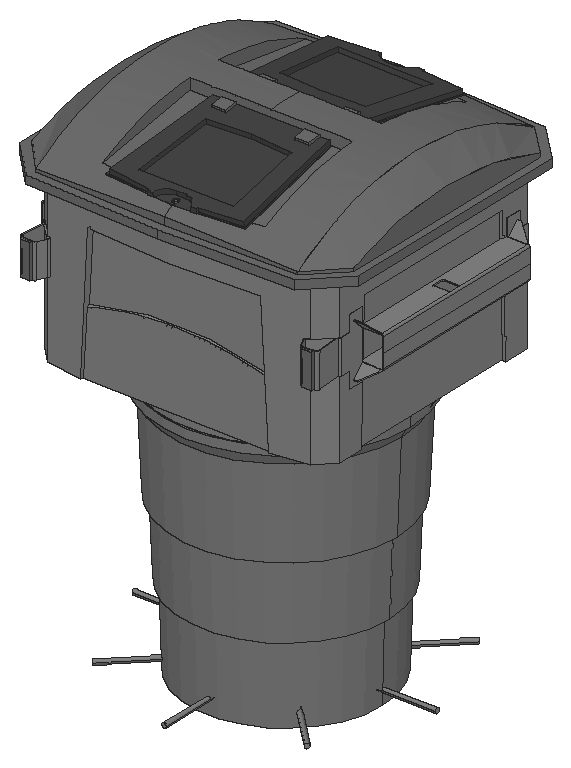
Revit family "Site-Waste_Management-EarthBin-EB505-bk7", category Site, Revit 2021
Family settings
  Round Connector Dimension = Use Diameter
  Part Type = Normal
  OmniClass Number = 23.70.30.21.14
  OmniClass Title = Solid Waste Bins
  Work Plane-Based = No
  Always vertical = Yes
  Cut with Voids When Loaded = No
  Shared = No
Parameters (values of type "Grey")
  URL = "https://www.earthbin.com/"
  Type Comments = "6.5 cu. yd. (5000 litres)"  # constant formula
  Model = "EB505"  # constant formula
  Manufacturer = "EarthBin"  # constant formula
  Description = "Rectangular waste & recycling"  # constant formula
  Default Elevation = 0' - 0"
  CD_Width = 6' - 8"  # constant formula
  CD_Specification = "https://static1.squarespace.com/static/5818b2cc03596e3016bd3fee/t/650c69fb3b03872bf3e15cf4/1695314375663/Cutsheet_EB500%2B500_EN.pdf"
  CD_Product Page URL = "https://www.earthbin.com/front-load-semi-in-ground"
  CD_Product Name = "Front Load Semi In-Ground EB500"  # constant formula
  CD_Product Documentation Link = "https://static1.squarespace.com/static/5818b2cc03596e3016bd3fee/t/6509f455b6659b7f399c748e/1695314541799/ProductGuide_EarthBin_EN.pdf"
  CD_Microsite = "https://www.caddetails.com/5581"
  CD_Height = 4' - 3 1/4"  # constant formula
  CD_Finish Lid = Plastic-Polyethylene-EarthBin-Lid-Grey
  CD_Finish Frame = Metal-Steel-EarthBin
  CD_Finish Feed Door = Plastic-Polyethylene-EarthBin-Feed_Door-Black
  CD_Finish Bin = Plastic-Polyethylene-EarthBin-Bin-Grey
  CD_Feed Height = 3' - 9 1/4"  # constant formula
  CD_Depth In Ground = 5' - 2"  # constant formula
  CD_Depth = 5' - 10"  # constant formula
  CD_Created By = "CADdetails Ltd. 2023"  # constant formula
  Assembly Code = "E1090200"
Reference planes (in)
  plane 1 "Center (Front/Back)": y = 0
  plane 2 "Grade": z = 4
  plane 3 "Center (Left/Right)": x = 0
  plane 4 "Right": x = 40
  plane 5 "Left": x = -40
  plane 6 "Front": y = 35
  plane 7 "Back": y = -35
  plane 8 "Top": z = 55.25
  plane 9 "Feed Height": z = 49.25
  plane 10 "Sleeve": z = 0
  plane 11 "Steel Framing Back": y = -21.01953
  plane 12 "Steel Framing Front": y = 21.01953
  plane 13 "Lid": z = 42.75
  plane 14 "Metal": z = 26.03791
  plane 15 "Back Rail": y = -34.10156
  plane 16 "Front Rail": y = 34.10156
  plane 17 "Rebar": through (0, 0, 144) normal (-0.7071, 0.7071, 0)
  plane 18 "Bottom": z = -62
Forms (in)
  Revolve 1, solid, material "Plastic-Polyethylene-EarthBin-Sleeve-Grey"
    sketch origin (0, 0, -65.75) x (1, 0, 0) y (0, 0, 1)
      loop
        line (0, 3.75) -> (0, 69.75) -> (-27.84093, 69.75) -> (-28.37532, 65.75) -> (-28.82359, 65.75) -> (-28.82359, 63.625) -> (-28.37532, 63.625) -> (-26.83286, 60.84234) -> (-25.87562, 39.88026) -> (-24.64766, 39.88026) -> (-23.94171, 22.21575) -> (-22.95309, 22.21575) -> (-22.36704, 3.75) -> (0, 3.75)
      axis (0, 3.75) -> (0, 69.75)
    angle from 0 to 360
  Extrusion 2, solid, material "Metal-Steel-EarthBin" <- "CD_Finish Frame"
    sketch origin (0, 0, 0) x (1, 0, 0) y (0, 1, 0)
      loop
        line (-30.24539, 30.72206) -> (-34.03946, 26.92799) -> (-34.03946, -26.92799) -> (-30.24539, -30.72206)
        arc (-30.24539, -30.72206) -> (0, -33.3675) -> (30.24539, -30.72206) r 174.22124
        line (30.24539, -30.72206) -> (34.03946, -26.92799) -> (34.03946, 26.92799) -> (30.24539, 30.72206)
        arc (30.24539, 30.72206) -> (0, 33.3675) -> (-30.24539, 30.72206) r 174.22124
    from 4 to 42.75
  Blend 3, solid, material "Plastic-Polyethylene-EarthBin-Lid-Grey" <- "CD_Finish Lid"
    base sketch origin (0, 0, -61.75) x (0, 1, 0) y (0, 0, 1)
      loop
        line (26.92799, 104.5) -> (26.92799, 107.26035)
        arc (26.92799, 107.26035) -> (0, 112.26577) -> (-26.92799, 107.26035) r 74.93587
        line (-26.92799, 107.26035) -> (-26.92799, 104.5) -> (26.92799, 104.5)
    top sketch origin (0, 0, -61.75) x (0, 1, 0) y (0, 0, 1)
      loop
        line (34.1175, 104.5) -> (34.1175, 107.02798)
        arc (34.1175, 107.02798) -> (0, 117) -> (-34.1175, 107.02798) r 63.34948
        line (-34.1175, 107.02798) -> (-34.1175, 104.5) -> (34.1175, 104.5)
    from -37.1421 to -30.30484
  Blend 4, solid, material "Plastic-Polyethylene-EarthBin-Lid-Grey" <- "CD_Finish Lid"
    base sketch origin (0, 0, -61.75) x (0, 1, 0) y (0, 0, -1)
      loop
        line (26.92799, -104.5) -> (-26.92799, -104.5) -> (-26.92799, -107.26035)
        arc (-26.92799, -107.26035) -> (0, -112.26577) -> (26.92799, -107.26035) r 74.93587
        line (26.92799, -107.26035) -> (26.92799, -104.5)
    top sketch origin (0, 0, -61.75) x (0, 1, 0) y (0, 0, -1)
      loop
        line (34.1175, -104.5) -> (-34.1175, -104.5) -> (-34.1175, -107.02798)
        arc (-34.1175, -107.02798) -> (0, -117) -> (34.1175, -107.02798) r 63.34948
        line (34.1175, -107.02798) -> (34.1175, -104.5)
    from -37.1421 to -30
  Blend 5, solid, material "Plastic-Polyethylene-EarthBin-Lid-Grey" <- "CD_Finish Lid"
    base sketch origin (0, 0, -61.75) x (0, 1, 0) y (0, 0, 1)
      loop
        line (34.1175, 104.5) -> (34.1175, 107.02798)
        arc (34.1175, 107.02798) -> (0, 117) -> (-34.1175, 107.02798) r 63.34948
        line (-34.1175, 107.02798) -> (-34.1175, 104.5) -> (34.1175, 104.5)
    top sketch origin (0, 0, -61.75) x (0, 1, 0) y (0, 0, 1)
      loop
        line (-35, 104.5) -> (35, 104.5) -> (35, 108.16281)
        arc (35, 108.16281) -> (0, 117) -> (-35, 108.16281) r 73.72795
        line (-35, 108.16281) -> (-35, 104.5)
    from -30.30484 to 0
  Blend 6, solid, material "Plastic-Polyethylene-EarthBin-Lid-Grey" <- "CD_Finish Lid"
    base sketch origin (0, 0, -61.75) x (0, 1, 0) y (0, 0, -1)
      loop
        line (34.1175, -104.5) -> (-34.1175, -104.5) -> (-34.1175, -107.02798)
        arc (-34.1175, -107.02798) -> (0, -117) -> (34.1175, -107.02798) r 63.34948
        line (34.1175, -107.02798) -> (34.1175, -104.5)
    top sketch origin (0, 0, -61.75) x (0, 1, 0) y (0, 0, -1)
      loop
        line (-35, -104.5) -> (-35, -108.16281)
        arc (-35, -108.16281) -> (0, -117) -> (35, -108.16281) r 73.72795
        line (35, -108.16281) -> (35, -104.5) -> (-35, -104.5)
    from -30 to 0
  Extrusion 7, void
    sketch origin (0, 0, -61.75) x (0, 1, 0) y (0, 0, 1)
      loop
        line (-31.6432, 112.63436) -> (-31.6432, 109.86423) -> (-4.1432, 114.20005) -> (-4.1432, 119.5682)
        arc (-4.1432, 119.5682) -> (-18.23412, 117.45341) -> (-31.6432, 112.63436) r 72.79839
    from -18.82813 to 18.82813
  Extrusion 8, void
    sketch origin (0, 0, -61.75) x (0, -1, 0) y (0, 0, -1)
      loop
        arc (-31.6432, -112.63436) -> (-18.23412, -117.45341) -> (-4.1432, -119.5682) r 72.79839
        line (-4.1432, -119.5682) -> (-4.1432, -114.20005) -> (-31.6432, -109.86423) -> (-31.6432, -112.63436)
    from -18.82621 to 18.82813
  Extrusion 9, void
    sketch origin (0, 0, 0) x (0, 1, 0) y (0, 0, 1)
      loop
        line (21.01953, 0) -> (19.91147, 35.73066) -> (-19.91147, 35.73066) -> (-21.01953, 0) -> (21.01953, 0)
    from 33.1684 to 40
  Extrusion 10, void
    sketch origin (0, 0, 0) x (0, 1, 0) y (0, 0, 1)
      loop
        line (21.01953, 0) -> (19.91147, 35.73066) -> (-19.91147, 35.73066) -> (-21.01953, 0) -> (21.01953, 0)
    from -40 to -33.16797
  Extrusion 11, solid, material "Metal-Steel-EarthBin" <- "CD_Finish Frame", detail levels fine
    sketch origin (0, 35, -61.75) x (-1, 0, 0) y (0, 0, 1)
      loop
        circle (0, 3.06531) r 0.5
    from -13.98047 to 0
  Extrusion 12, solid, material "Metal-Steel-EarthBin" <- "CD_Finish Frame", detail levels fine
    sketch origin (24.74874, 24.74874, -61.75) x (-0.707107, 0.707107, 0) y (0, 0, 1)
      loop
        circle (0, 3.06531) r 0.5
    from -13.98047 to 0
  Extrusion 13, solid, material "Metal-Steel-EarthBin" <- "CD_Finish Frame", detail levels fine
    sketch origin (35, 0, -61.75) x (0, 1, 0) y (0, 0, 1)
      loop
        circle (0, 3.06531) r 0.5
    from -13.98047 to 0
  Extrusion 14, solid, material "Metal-Steel-EarthBin" <- "CD_Finish Frame", detail levels fine
    sketch origin (24.74874, -24.74874, -61.75) x (0.707107, 0.707107, 0) y (0, 0, 1)
      loop
        circle (0, 3.06531) r 0.5
    from -13.98047 to 0
  Extrusion 15, solid, material "Metal-Steel-EarthBin" <- "CD_Finish Frame", detail levels fine
    sketch origin (0, -35, -61.75) x (1, 0, 0) y (0, 0, 1)
      loop
        circle (0, 3.06531) r 0.5
    from -13.98047 to 0
  Extrusion 16, solid, material "Metal-Steel-EarthBin" <- "CD_Finish Frame", detail levels fine
    sketch origin (-24.74874, -24.74874, -61.75) x (0.707107, -0.707107, 0) y (0, 0, 1)
      loop
        circle (0, 3.06531) r 0.5
    from -13.98047 to 0
  Extrusion 17, solid, material "Metal-Steel-EarthBin" <- "CD_Finish Frame", detail levels fine
    sketch origin (-35, 0, -61.75) x (0, -1, 0) y (0, 0, 1)
      loop
        circle (0, 3.06531) r 0.5
    from -13.98047 to 0
  Extrusion 18, solid, material "Metal-Steel-EarthBin" <- "CD_Finish Frame", detail levels fine
    sketch origin (-24.74874, 24.74874, -61.75) x (-0.707107, -0.707107, 0) y (0, 0, 1)
      loop
        circle (0, 3.06531) r 0.5
    from -13.98047 to 0
  Extrusion 19, solid, material "Plastic-Polyethylene-EarthBin-Lid-Grey" <- "CD_Finish Lid", detail levels medium+fine
    sketch origin (0, 0, 0) x (1, 0, 0) y (0, 1, 0)
      loop
        line (-30.30484, 34.1175) -> (-37.1421, 26.92799) -> (-37.1421, -26.92799) -> (-30.30484, -34.1175) -> (0, -35) -> (30, -34.1175) -> (37.1421, -26.92799) -> (37.1421, 26.92799) -> (30, 34.1175) -> (0, 35) -> (-30.30484, 34.1175)
      loop
        line (-39.1421, 27.72716) -> (-39.1421, -27.72716) -> (-31.18645, -36.09268) -> (0.0003, -37.00086) -> (30.85647, -36.09317) -> (39.1421, -27.75255) -> (39.1421, 27.75255) -> (30.85647, 36.09317) -> (0.0003, 37.00086) -> (-31.18645, 36.09268) -> (-39.1421, 27.72716)
    from 42.75 to 44.75
  Blend 20, void
    base sketch origin (0, 35, 0) x (-1, 0, 0) y (0, 0, 1)
      loop
        line (20.82679, 19.28788) -> (19.95017, 36.01493) -> (-19.95017, 36.01493) -> (-20.82679, 19.28788)
        arc (-20.82679, 19.28788) -> (0, 22.10479) -> (20.82679, 19.28788) r 78.39997
    top sketch origin (0, 35, 0) x (-1, 0, 0) y (0, 0, 1)
      loop
        line (20.89221, 18.0396) -> (19.95017, 36.01493) -> (-19.95017, 36.01493) -> (-20.89221, 18.0396)
        arc (-20.89221, 18.0396) -> (0, 21.1404) -> (20.89221, 18.0396) r 71.93296
    from -65.72206 to -69.1175
  Extrusion 21, void
    sketch origin (0, 35, 0) x (-1, 0, 0) y (0, 0, 1)
      loop
        line (21.628, 4) -> (19.95017, 36.01493) -> (-19.95017, 36.01493) -> (-21.628, 4) -> (21.628, 4)
    from -70 to -66.38594
  Extrusion 22, void
    sketch origin (0, 0, 0) x (1, 0, 0) y (0, 0, 1)
      loop
        line (21.628, 4) -> (19.95017, 36.01493) -> (-19.95017, 36.01493) -> (-21.628, 4) -> (21.628, 4)
    from -35 to -31.58381
  Blend 23, void
    base sketch origin (0, 0, 0) x (1, 0, 0) y (0, 0, 1)
      loop
        line (19.95017, 36.01493) -> (-19.95017, 36.01493) -> (-20.82679, 19.28788)
        arc (-20.82679, 19.28788) -> (0, 22.10479) -> (20.82679, 19.28788) r 78.39997
        line (20.82679, 19.28788) -> (19.95017, 36.01493)
    top sketch origin (0, 0, 0) x (1, 0, 0) y (0, 0, 1)
      loop
        line (19.95017, 36.01493) -> (-19.95017, 36.01493) -> (-20.83958, 19.04382)
        arc (-20.83958, 19.04382) -> (0, 21.91623) -> (20.83958, 19.04382) r 77.03271
        line (20.83958, 19.04382) -> (19.95017, 36.01493)
    from -35 to -30.72206
Cuts and joins
  Extrusion 7, Extrusion 8 cuts Blend 5
  Extrusion 7, Extrusion 8 cuts Blend 6
  joined: Blend 3, Blend 4, Blend 5, Blend 6
  Extrusion 9, Extrusion 10, Extrusion 22 cuts Revolve 1
  Extrusion 9, Extrusion 10, Blend 20, Extrusion 21, Extrusion 22, Blend 23 cuts Extrusion 2
Dimensions and locks (in)
  equal spacing: plane 5 "Left", plane 3 "Center (Left/Right)", plane 4 "Right"
  "CD_Width": plane 5 "Left" to plane 4 "Right"
  equal spacing: plane 6 "Front", plane 1 "Center (Front/Back)", plane 7 "Back"
  "CD_Depth": plane 6 "Front" to plane 7 "Back"
  locked: plane 2 "Grade" to plane 10 "Sleeve" at 4
  locked: plane 6 "Front" to plane 12 "Steel Framing Front" at 13.98047
  locked: plane 11 "Steel Framing Back" to plane 7 "Back" at 13.98047
  locked: plane 14 "Metal" to plane 8 "Top" at 29.21209
  locked: plane 1 "Center (Front/Back)" to nested 3 at 4.29895
  locked: nested 4 to plane 1 "Center (Front/Back)" at 4.3072
  plane 8 "Top" to nested 4 = 0' - 6.18108"
  plane 8 "Top" to nested 3 = 0' - 6.19174"
  Extrusion 9 sketch curve to Extrusion 9 sketch curve to plane 1 "Center (Front/Back)" to Extrusion 9 sketch curve to Extrusion 9 sketch curve = 0' - 1.10806" locked, 1' - 7.91147" locked, 1' - 7.91147" locked, 0' - 1.10806" locked
  locked: plane 15 "Back Rail" to plane 7 "Back" at 0.89844
  locked: plane 6 "Front" to plane 16 "Front Rail" at 0.89844
  Revolve 1 sketch curve to level to Revolve 1 sketch curve to Revolve 1 sketch curve = 0' - 0" locked, 0' - 2 1/8" locked, 0' - 2.78266" locked
  "CD_Depth In Ground": level to plane 18 "Bottom"
  "CD_Height": plane 8 "Top" to plane 2 "Grade"
  "CD_Feed Height": plane 9 "Feed Height" to plane 2 "Grade"
  Revolve 1 sketch curve to Revolve 1 sketch curve to plane 18 "Bottom" = 1' - 5.66451" locked, 1' - 6.46575" locked
  locked: plane 18 "Bottom" to Extrusion 17 at 3.81531
  Blend 3 sketch curve to plane 1 "Center (Front/Back)" to Blend 3 sketch curve = 2' - 2.92799" locked, 2' - 2.92799" locked
  Blend 3 sketch curve to Blend 3 sketch curve to Blend 3 sketch curve to plane 13 "Lid" = 0' - 5.00542" locked, 0' - 0" locked, 0' - 2.76035" locked
  Blend 3 sketch curve to plane 1 "Center (Front/Back)" to Blend 3 sketch curve = 2' - 10.1175" locked, 2' - 10.1175" locked
  Blend 3 sketch curve to Blend 3 sketch curve to Blend 3 sketch curve to plane 13 "Lid" = 0' - 9.97202" locked, 0' - 0" locked, 0' - 2.52798" locked
  locked: Blend 5 sketch curve to plane 13 "Lid" at 12.5
  Blend 4 sketch curve to plane 1 "Center (Front/Back)" to Blend 4 sketch curve = 2' - 10.1175" locked, 2' - 10.1175" locked
  Blend 4 sketch curve to Blend 4 sketch curve to Blend 4 sketch curve to plane 13 "Lid" = 0' - 9.97202" locked, 0' - 0" locked, 0' - 2.52798" locked
  locked: Blend 6 sketch curve to plane 13 "Lid" at 12.5
  locked: plane 8 "Top" to plane 13 "Lid" at 12.5
  Extrusion 7 sketch curve to Extrusion 7 sketch curve to plane 1 "Center (Front/Back)" = 2' - 3 1/2" locked, 0' - 4.1432" locked
  Extrusion 7 sketch curve to Extrusion 7 sketch curve to Extrusion 7 sketch curve to plane 9 "Feed Height" to Extrusion 7 sketch curve = 0' - 5.36816" locked, 0' - 1.56569" locked, 0' - 1.63436" locked, 0' - 1.13577" locked
  Extrusion 8 sketch curve to Extrusion 8 sketch curve to plane 6 "Front" = 2' - 3 1/2" locked, 0' - 3.3568" locked
  Extrusion 8 sketch curve to Extrusion 8 sketch curve to Extrusion 8 sketch curve to plane 9 "Feed Height" to Extrusion 8 sketch curve = 0' - 5.36816" locked, 0' - 1.56569" locked, 0' - 1.63436" locked, 0' - 1.13577" locked
  locked: cut or joined group of Blend 3, Blend 4, Blend 5, Blend 6, Extrusion 7, Extrusion 8 to plane 3 "Center (Left/Right)" at 18.82813
  locked: cut or joined group of Blend 3, Blend 4, Blend 5, Blend 6, Extrusion 7, Extrusion 8 to plane 3 "Center (Left/Right)" at 18.82621
  locked: Extrusion 10 sketch curve to level at 35.73066
  Extrusion 10 sketch curve to Extrusion 10 sketch curve to plane 1 "Center (Front/Back)" to Extrusion 10 sketch curve to Extrusion 10 sketch curve = 0' - 1.10806" locked, 1' - 7.91147" locked, 1' - 7.91147" locked, 0' - 1.10806" locked
  locked: Extrusion 9 sketch curve to level at 35.73066
  Extrusion 19 sketch curve to Extrusion 19 sketch curve to Extrusion 19 sketch curve to plane 3 "Center (Left/Right)" to Extrusion 19 sketch curve to Extrusion 19 sketch curve to Extrusion 19 sketch curve = 0' - 7.95565" locked, 0' - 0" locked, 2' - 7.18645" locked, 2' - 6.85647" locked, 0' - 0" locked, 0' - 8.28562" locked
  Extrusion 19 sketch curve to Extrusion 19 sketch curve to Extrusion 19 sketch curve to Extrusion 19 sketch curve to Extrusion 19 sketch curve to plane 1 "Center (Front/Back)" to Extrusion 19 sketch curve to Extrusion 19 sketch curve to Extrusion 19 sketch curve to Extrusion 19 sketch curve to Extrusion 19 sketch curve = 0' - 0.90769" locked, 0' - 0.0005" locked, 0' - 8.34013" locked, 0' - 0.02539" locked, 2' - 3.72716" locked, 2' - 3.72716" locked, 0' - 0.02539" locked, 0' - 8.34013" locked, 0' - 0.0005" locked, 0' - 0.90769" locked
  locked: Extrusion 19 to plane 13 "Lid" at 2
  plane 3 "Center (Left/Right)" to Revolve 1 sketch curve to Revolve 1 sketch curve to Revolve 1 sketch curve to Revolve 1 sketch curve to Revolve 1 sketch curve to Revolve 1 sketch curve to Revolve 1 sketch curve to Revolve 1 sketch curve to Revolve 1 sketch curve to Revolve 1 sketch curve = 1' - 10.36704" locked, 0' - 0.58605" locked, 0' - 0.98862" locked, 0' - 0.70595" locked, 0' - 1.22797" locked, 0' - 0.95724" locked, 0' - 1.00806" locked, 0' - 0.53439" locked, 0' - 0" locked, 0' - 0.44827" locked
  Extrusion 21 sketch curve to Extrusion 21 sketch curve to plane 3 "Center (Left/Right)" to Extrusion 21 sketch curve to Extrusion 21 sketch curve = 0' - 1.67783" locked, 1' - 7.95017" locked, 1' - 7.95017" locked, 0' - 1.67783" locked
  locked: Extrusion 21 sketch curve to plane 2 "Grade" at 32.01493
  Blend 20 sketch curve to Blend 20 sketch curve to Blend 20 sketch curve to plane 2 "Grade" = 1' - 5.97533" locked, 0' - 0" locked, 1' - 2.0396" locked
  Blend 20 sketch curve to Blend 20 sketch curve to plane 3 "Center (Left/Right)" to Blend 20 sketch curve to Blend 20 sketch curve = 0' - 0.94205" locked, 1' - 7.95017" locked, 1' - 7.95017" locked, 0' - 0.94205" locked
  Blend 20 sketch curve to Blend 20 sketch curve to Blend 20 sketch curve to Blend 20 sketch curve to plane 2 "Grade" = 0' - 0" locked, 1' - 4.72704" locked, 0' - 0" locked, 1' - 3.28788" locked
  Blend 20 sketch curve to Blend 20 sketch curve to plane 3 "Center (Left/Right)" to Blend 20 sketch curve to Blend 20 sketch curve = 0' - 0.87663" locked, 1' - 7.95017" locked, 1' - 7.95017" locked, 0' - 0.87663" locked
  locked: cut or joined group of Extrusion 2, Extrusion 9, Extrusion 10, Blend 20, Extrusion 21, Extrusion 22, Blend 23 to plane 7 "Back" at 4.27794
  Blend 23 sketch curve to Blend 23 sketch curve to plane 3 "Center (Left/Right)" to Blend 23 sketch curve to Blend 23 sketch curve = 0' - 0.87663" locked, 1' - 7.95017" locked, 1' - 7.95017" locked, 0' - 0.87663" locked
  Blend 23 sketch curve to Blend 23 sketch curve to plane 14 "Metal" to cut or joined group of Extrusion 2, Extrusion 9, Extrusion 10, Blend 20, Extrusion 21, Extrusion 22, Blend 23 = 0' - 0" locked, 0' - 6.75003" locked, 0' - 9.97702" locked
  Blend 23 sketch curve to Blend 23 sketch curve to plane 3 "Center (Left/Right)" to Blend 23 sketch curve to Blend 23 sketch curve = 0' - 0.88942" locked, 1' - 7.95017" locked, 1' - 7.95017" locked, 0' - 0.88942" locked
  Blend 23 sketch curve to Blend 23 sketch curve to plane 14 "Metal" to cut or joined group of Extrusion 2, Extrusion 9, Extrusion 10, Blend 20, Extrusion 21, Extrusion 22, Blend 23 = 0' - 0" locked, 0' - 6.99409" locked, 0' - 9.97702" locked
  locked: plane 1 "Center (Front/Back)" to plane 17 "Rebar" (angle 45.00°)
  aligned and locked: Revolve 1 sketch curve to plane 3 "Center (Left/Right)"
  aligned and locked: plane 13 "Lid" to Extrusion 2
  aligned and locked: Blend 5 to Blend 3
  aligned and locked: plane 3 "Center (Left/Right)" to Blend 5
  aligned and locked: Blend 6 sketch curve to plane 7 "Back"
  aligned and locked: Blend 6 sketch curve to plane 6 "Front"
  aligned and locked: Blend 5 sketch curve to plane 6 "Front"
  aligned and locked: Blend 5 sketch curve to plane 7 "Back"
  aligned and locked: nested 1 to plane 14 "Metal"
  aligned and locked: plane 1 "Center (Front/Back)" to nested 1
  aligned and locked: Extrusion 9 to plane 4 "Right"
  aligned and locked: plane 10 "Sleeve" to Extrusion 10 sketch curve
  aligned and locked: plane 5 "Left" to Extrusion 10
  aligned and locked: plane 14 "Metal" to nested 5
  aligned and locked: nested 5 to plane 15 "Back Rail"
  aligned and locked: plane 6 "Front" to Extrusion 11
  aligned and locked: Extrusion 11 to plane 12 "Steel Framing Front"
  aligned and locked: Revolve 1 sketch curve to plane 2 "Grade"
  aligned and locked: Extrusion 2 to plane 2 "Grade"
  aligned and locked: plane 14 "Metal" to nested 2
  aligned and locked: Revolve 1 sketch curve to plane 18 "Bottom"
  aligned and locked: Blend 5 sketch curve to plane 13 "Lid"
  aligned and locked: plane 13 "Lid" to Blend 4 sketch curve
  aligned and locked: plane 13 "Lid" to Blend 6 sketch curve
  aligned and locked: nested 3 to plane 3 "Center (Left/Right)"
  aligned and locked: plane 3 "Center (Left/Right)" to nested 4
  aligned and locked: level to Extrusion 9 sketch curve
  aligned and locked: Extrusion 19 sketch curve to Blend 3  (x3)
  aligned and locked: Extrusion 19 sketch curve to cut or joined group of Blend 3, Blend 4, Blend 5, Blend 6, Extrusion 7, Extrusion 8  (x2)
  aligned and locked: Extrusion 19 sketch curve to Blend 4  (x3)
  aligned and locked: Extrusion 19 to plane 13 "Lid"
  aligned and locked: Blend 20 to cut or joined group of Blend 3, Blend 4, Blend 5, Blend 6, Extrusion 7, Extrusion 8
  aligned and locked: Blend 20 to Extrusion 2
  aligned and locked: Extrusion 22 sketch curve to cut or joined group of Extrusion 2, Extrusion 9, Extrusion 10, Blend 20, Extrusion 21, Extrusion 22, Blend 23  (x3)
  aligned and locked: cut or joined group of Extrusion 2, Extrusion 9, Extrusion 10, Blend 20, Extrusion 21, Extrusion 22, Blend 23 to Extrusion 22 sketch curve
  aligned and locked: plane 6 "Front" to Extrusion 22
  aligned and locked: Blend 23 to Extrusion 2
  aligned and locked: plane 6 "Front" to Blend 23
Automatic sketch dimensions
  Extrusion 2 sketch curve to plane 3 "Center (Left/Right)" = 0' - 0"  (x2)
  Extrusion 2 sketch curve to plane 6 "Front" = 0' - 4.27794"  (x2)
  Extrusion 2 sketch curve to plane 5 "Left" = 0' - 9.75461"  (x2)
  plane 7 "Back" to Extrusion 2 sketch curve = 0' - 4.27794"  (x2)
  Extrusion 2 sketch curve to Extrusion 2 sketch curve = 0' - 3.79407"  (x6)
  Extrusion 2 sketch curve to plane 7 "Back" = 8' - 9.85374"
  plane 6 "Front" to Extrusion 2 sketch curve = 8' - 9.85374"
  Blend 3 sketch curve to plane 13 "Lid" = 0' - 0"  (x2)
  Blend 4 sketch curve to plane 13 "Lid" = 0' - 0"
  Blend 4 sketch curve to plane 1 "Center (Front/Back)" = 0' - 0"
  Blend 4 sketch curve to plane 11 "Steel Framing Back" = 0' - 5.90846"
  plane 13 "Lid" to Blend 4 sketch curve = 0' - 2.76035"
  plane 12 "Steel Framing Front" to Blend 4 sketch curve = 0' - 5.90846"
  Blend 5 sketch curve to plane 13 "Lid" = 0' - 0"
  Blend 5 sketch curve to plane 1 "Center (Front/Back)" = 0' - 0"  (x2)
  plane 7 "Back" to Blend 5 sketch curve = 0' - 0.8825"
  Blend 5 sketch curve to plane 6 "Front" = 0' - 0.8825"
  plane 13 "Lid" to Blend 5 sketch curve = 0' - 2.52798"
  Blend 5 sketch curve to plane 9 "Feed Height" = 0' - 2.83719"
  Blend 6 sketch curve to plane 13 "Lid" = 0' - 0"
  Blend 6 sketch curve to plane 1 "Center (Front/Back)" = 0' - 0"  (x2)
  plane 7 "Back" to Blend 6 sketch curve = 0' - 0.8825"
  Blend 6 sketch curve to plane 6 "Front" = 0' - 0.8825"
  Blend 6 sketch curve to Blend 6 sketch curve = 0' - 2.52798"
  Blend 6 sketch curve to plane 9 "Feed Height" = 0' - 2.83719"
  plane 1 "Center (Front/Back)" to Extrusion 7 sketch curve = 0' - 0.4358"
  Extrusion 8 sketch curve to plane 1 "Center (Front/Back)" = 0' - 0.4358"
  Blend 4 sketch curve to plane 10 "Sleeve" = 2' - 0.4201"
  Blend 5 sketch curve to plane 10 "Sleeve" = 0' - 8.09948"
  Blend 6 sketch curve to plane 10 "Sleeve" = 0' - 8.09948"
  plane 3 "Center (Left/Right)" to Extrusion 19 sketch curve = 0' - 0.0003"  (x2)
  Extrusion 19 sketch curve to plane 3 "Center (Left/Right)" = 0' - 0"  (x2)
  plane 16 "Front Rail" to Extrusion 19 sketch curve = 0' - 0.01594"
  Extrusion 19 sketch curve to plane 15 "Back Rail" = 0' - 0.01594"
  Blend 20 sketch curve to plane 18 "Bottom" = 0' - 5.70481"
  Blend 20 sketch curve to plane 18 "Bottom" = 0' - 11.20744"
  Extrusion 21 sketch curve to plane 2 "Grade" = 0' - 0"
  Revolve 1 sketch curve to plane 3 "Center (Left/Right)" = 0' - 0"
  Revolve 1 sketch curve to Revolve 1 sketch curve = 0' - 5 3/4"
  Revolve 1 sketch curve to plane 18 "Bottom" = 1' - 8 1/4"
  Blend 23 sketch curve to plane 13 "Lid" = 0' - 6.73507"  (x2)
  Blend 23 sketch curve to plane 18 "Bottom" = 0' - 5.70481"
  Blend 23 sketch curve to plane 18 "Bottom" = 0' - 6.88352"
  radius of Extrusion 11 sketch curve = 0' - 0 1/2"
  radius of Extrusion 12 sketch curve = 0' - 0 1/2"
  radius of Extrusion 13 sketch curve = 0' - 0 1/2"
  radius of Extrusion 14 sketch curve = 0' - 0 1/2"
  radius of Extrusion 15 sketch curve = 0' - 0 1/2"
  radius of Extrusion 16 sketch curve = 0' - 0 1/2"
  radius of Extrusion 17 sketch curve = 0' - 0 1/2"
  radius of Extrusion 18 sketch curve = 0' - 0 1/2"
Nested families (in)
  nested 1: "Nested-EarthBin-Steel_Frame-Lift_Handle" at (-34.03946, 0, 26.03791) x (0, 0, 1) z (-1, 0, 0), type "Steel Frame"
  nested 2: "Nested-EarthBin-Steel_Frame-Lift_Handle" at (34.03946, 0, 26.03791) x (0, 0, 1) z (1, 0, 0), type "Steel Frame"
  nested 3: "Nested-EarthBin-Lid" at (0, 18.4661, 50.19181) x (-1, 0, 0) z (0, 0.1557, 0.9878), type "Lid"
  nested 4: "Nested-EarthBin-Lid" at (0, -18.47435, 50.19051) x (1, 0, 0) z (0, -0.1557, 0.9878), type "Lid"
  nested 5: "Nested-EarthBin-Steel_Frame-Front_Rail" at (0, -34.10156, 26.03791) x (0, 0, -1) z (0, -1, 0), type "Steel Frame"
Definition of nested family "Nested-EarthBin-Steel_Frame-Lift_Handle"
  Parameters (values of type "Steel Frame")
    URL = "https://www.earthbin.com/"
    Manufacturer = "EarthBin"  # constant formula
    Description = "For use with EarthBin models only"  # constant formula
    Default Elevation = 4' - 0"
    CD_Length = 3' - 6 5/128"
    CD_Finish = none
  Reference planes (in)
    plane 1 "Center (Front/Back)": y = 0
    plane 2 "Right": z = 0
    plane 3 "Center (Left/Right)": x = 0
    plane 4 "Front": y = 21.01953
    plane 5 "Back": y = -21.01953
    plane 6 "Left": z = 5.36625
  Forms (in)
    Extrusion 1, solid
      sketch origin (0, 0, 0) x (1, 0, 0) y (0, 1, 0)
        loop
          line (-48, 48) -> (-48, -48) -> (48, -48) -> (48, 48) -> (-48, 48)
      from 0 to -12
    Extrusion 2, solid, material <- "CD_Finish", detail levels medium+fine
      sketch origin (0, 0, 0) x (1, 0, 0) y (0, 0, 1)
        loop
          line (-3.81244, 4.89751) -> (-3.81244, 0) -> (-3.56244, 0) -> (-3.56244, 4.89751)
          arc (-3.56244, 4.89751) -> (-3.49904, 5.05151) -> (-3.34559, 5.11625) r 0.21875
          line (-3.34559, 5.11625) -> (0, 5.11625) -> (3.34559, 5.11625)
          arc (3.34559, 5.11625) -> (3.49904, 5.05151) -> (3.56244, 4.89751) r 0.21875
          line (3.56244, 4.89751) -> (3.56244, 0) -> (3.81244, 0) -> (3.81244, 4.89751)
          arc (3.81244, 4.89751) -> (3.67612, 5.22798) -> (3.34647, 5.36625) r 0.46875
          line (3.34647, 5.36625) -> (0, 5.36625) -> (-3.34647, 5.36625)
          arc (-3.34647, 5.36625) -> (-3.67612, 5.22798) -> (-3.81244, 4.89751) r 0.46875
      from -21.01953 to 21.01953
    Extrusion 3, void
      sketch origin (0, 0, 0) x (0, 1, 0) y (0, 0, 1)
        loop
          line (-1.5, 4.8975) -> (-1.5, 1.37125)
          arc (-1.5, 1.37125) -> (-1.38997, 1.10589) -> (-1.12444, 0.99625) r 0.375
          line (-1.12444, 0.99625) -> (1.12444, 0.99625)
          arc (1.12444, 0.99625) -> (1.38997, 1.10589) -> (1.5, 1.37125) r 0.375
          line (1.5, 1.37125) -> (1.5, 4.8975) -> (-1.5, 4.8975)
      from 2.61769 to 4.04426
    Extrusion 4, solid, material <- "CD_Finish", detail levels medium+fine
      sketch origin (0, 0, 0) x (1, 0, 0) y (0, 1, 0)
        loop
          line (-7.66958, 24.37722) -> (-7.66958, 21.01953) -> (7.66958, 21.01953) -> (7.66958, 24.37722) -> (3.96284, 24.37722) -> (3.96284, 26.92907) -> (-3.96284, 26.92907) -> (-3.96284, 24.37722) -> (-7.66958, 24.37722)
        loop
          line (-7.66958, -24.37722) -> (-3.96284, -24.37722) -> (-3.96284, -26.92907) -> (3.96284, -26.92907) -> (3.96284, -24.37722) -> (7.66958, -24.37722) -> (7.66958, -21.01953) -> (-7.66958, -21.01953) -> (-7.66958, -24.37722)
      from 0 to 0.34279
    Extrusion 5, solid, material <- "CD_Finish", detail levels fine
      sketch origin (0, 0, 0) x (1, 0, 0) y (0, 1, 0)
        loop
          line (-3.56244, 21.01953) -> (-6.14547, 23.60257) -> (-6.27047, 23.47757) -> (-3.81244, 21.01953) -> (-3.56244, 21.01953)
        loop
          line (3.56244, 21.01953) -> (3.81244, 21.01953) -> (6.27047, 23.47757) -> (6.14547, 23.60257) -> (3.56244, 21.01953)
        loop
          line (-3.56244, -21.01953) -> (-3.81244, -21.01953) -> (-6.27047, -23.47757) -> (-6.14547, -23.60257) -> (-3.56244, -21.01953)
        loop
          line (3.56244, -21.01953) -> (6.14547, -23.60257) -> (6.27047, -23.47757) -> (3.81244, -21.01953) -> (3.56244, -21.01953)
      from 0 to 4.89765
    Extrusion 6, void
      sketch origin (0, 0, 0) x (0, 1, 0) y (0, 0, 1)
        loop
          line (-23.71655, 5.04358) -> (-23.71655, 0.79331) -> (-23.60257, 0.96676)
          arc (-23.60257, 0.96676) -> (-23.57015, 1.18039) -> (-23.47757, 1.37562) r 0.74201
          line (-23.47757, 1.37562) -> (-21.41817, 4.50952)
          arc (-21.41817, 4.50952) -> (-21.24003, 4.72528) -> (-21.01953, 4.89751) r 1.28859
          line (-21.01953, 4.89751) -> (-20.92354, 5.04358) -> (-23.71655, 5.04358)
        loop
          line (23.71655, 5.04358) -> (20.92354, 5.04358) -> (21.01953, 4.89751)
          arc (21.01953, 4.89751) -> (21.24003, 4.72528) -> (21.41817, 4.50952) r 1.28859
          line (21.41817, 4.50952) -> (23.47757, 1.37562)
          arc (23.47757, 1.37562) -> (23.57015, 1.18039) -> (23.60257, 0.96676) r 0.74201
          line (23.60257, 0.96676) -> (23.71655, 0.79331) -> (23.71655, 5.04358)
      from -7.66958 to 7.66958
    Extrusion 7, solid, material <- "CD_Finish", detail levels coarse
      sketch origin (0, 0, 0) x (1, 0, 0) y (0, 0, 1)
        loop
          line (-3.8125, 4.89759) -> (-3.8125, 0) -> (3.81174, 0) -> (3.81174, 4.89733)
          arc (3.81174, 4.89733) -> (3.67435, 5.22904) -> (3.34264, 5.36643) r 0.4691
          line (3.34264, 5.36643) -> (-3.34645, 5.36643)
          arc (-3.34645, 5.36643) -> (-3.67616, 5.22813) -> (-3.8125, 4.89759) r 0.46885
      from -21.01953 to 21.01953
    Extrusion 8, solid, material <- "CD_Finish", detail levels coarse
      sketch origin (0, 0, 0) x (1, 0, 0) y (0, 1, 0)
        loop
          line (-7.66958, -21.01953) -> (-7.66958, -26.92907) -> (7.66958, -26.92907) -> (7.66958, -21.01953) -> (-7.66958, -21.01953)
        loop
          line (-7.66958, 21.01953) -> (7.66958, 21.01953) -> (7.66958, 26.92907) -> (-7.66958, 26.92907) -> (-7.66958, 21.01953)
      from 0 to 0.34279
  Cuts and joins
    Extrusion 3 cuts Extrusion 2
    Extrusion 6 cuts Extrusion 5
  Dimensions and locks (in)
    equal spacing: plane 5 "Back", plane 1 "Center (Front/Back)", plane 4 "Front"
    locked: plane 6 "Left" to plane 2 "Right" at 5.36625
    plane 6 "Left" to Extrusion 2 sketch curve to Extrusion 2 sketch curve to Extrusion 2 sketch curve to Extrusion 2 sketch curve to Extrusion 2 sketch curve to Extrusion 2 sketch curve = 0' - 0 1/4" locked, 0' - 0" locked, 0' - 0 7/32" locked, 0' - 0" locked, 0' - 0" locked, 0' - 0" locked
    Extrusion 2 sketch curve to Extrusion 2 sketch curve to Extrusion 2 sketch curve to plane 3 "Center (Left/Right)" to Extrusion 2 sketch curve to Extrusion 2 sketch curve to Extrusion 2 sketch curve = 0' - 0 1/4" locked, 0' - 0.21685" locked, 0' - 3.34559" locked, 0' - 3.34559" locked, 0' - 0.21685" locked, 0' - 0 1/4" locked
    "CD_Length": plane 5 "Back" to plane 4 "Front"
    Extrusion 5 sketch curve to Extrusion 5 sketch curve to plane 5 "Back" = 0' - 0 1/8" locked, 0' - 2.45804" locked  (x2)
    plane 4 "Front" to Extrusion 5 sketch curve to Extrusion 5 sketch curve = 0' - 2.45804" locked, 0' - 0 1/8" locked  (x2)
    Extrusion 6 sketch curve to Extrusion 6 sketch curve to Extrusion 6 sketch curve to Extrusion 6 sketch curve to Extrusion 6 sketch curve to Extrusion 6 sketch curve to plane 6 "Left" = 0' - 0.17345" locked, 0' - 0.40886" locked, 0' - 3.13391" locked, 0' - 0.38799" locked, 0' - 0.14607" locked, 0' - 0.32267" locked  (x2)
    Extrusion 6 sketch curve to plane 4 "Front" to Extrusion 6 sketch curve to Extrusion 6 sketch curve to Extrusion 6 sketch curve to Extrusion 6 sketch curve = 0' - 0.09599" locked, 0' - 0.39863" locked, 0' - 2.0594" locked, 0' - 0 1/8" locked, 0' - 0.11398" locked
    Extrusion 6 sketch curve to Extrusion 6 sketch curve to Extrusion 6 sketch curve to Extrusion 6 sketch curve to plane 5 "Back" to Extrusion 6 sketch curve = 0' - 0.11398" locked, 0' - 0 1/8" locked, 0' - 2.0594" locked, 0' - 0.39863" locked, 0' - 0.09599" locked
    Extrusion 3 sketch curve to Extrusion 3 sketch curve to plane 1 "Center (Front/Back)" to Extrusion 3 sketch curve to Extrusion 3 sketch curve = 0' - 0.37556" locked, 0' - 1.12444" locked, 0' - 1.12444" locked, 0' - 0.37556" locked
    Extrusion 3 sketch curve to Extrusion 3 sketch curve to Extrusion 3 sketch curve to Extrusion 3 sketch curve to plane 6 "Left" = 0' - 0 3/8" locked, 0' - 0" locked, 0' - 3.52625" locked, 0' - 0 15/32" locked
    Extrusion 7 sketch curve to Extrusion 7 sketch curve to plane 3 "Center (Left/Right)" to Extrusion 7 sketch curve to Extrusion 7 sketch curve = 0' - 0.4691" locked, 0' - 3.34264" locked, 0' - 3.34645" locked, 0' - 0.46605" locked
    plane 6 "Left" to Extrusion 7 sketch curve to Extrusion 7 sketch curve = 0' - 0.46866" locked, 0' - 0.00026" locked
    locked: plane 4 "Front" to Extrusion 8 sketch curve at 5.90954
    locked: Extrusion 8 sketch curve to plane 5 "Back" at 5.90954
    Extrusion 8 sketch curve to plane 3 "Center (Left/Right)" to Extrusion 8 sketch curve = 0' - 7.66958" locked, 0' - 7.66958" locked  (x2)
    Extrusion 4 sketch curve to Extrusion 4 sketch curve to Extrusion 4 sketch curve to Extrusion 4 sketch curve to plane 3 "Center (Left/Right)" to Extrusion 4 sketch curve to Extrusion 4 sketch curve to Extrusion 4 sketch curve to Extrusion 4 sketch curve = 0' - 0" locked, 0' - 3.70674" locked, 0' - 0" locked, 0' - 3.96284" locked, 0' - 3.96284" locked, 0' - 0" locked, 0' - 3.70674" locked, 0' - 0" locked
    plane 4 "Front" to Extrusion 4 sketch curve to Extrusion 4 sketch curve to Extrusion 4 sketch curve = 0' - 3.35769" locked, 0' - 0" locked, 0' - 2.55185" locked
    Extrusion 4 sketch curve to Extrusion 4 sketch curve to Extrusion 4 sketch curve to plane 5 "Back" = 0' - 2.55185" locked, 0' - 0" locked, 0' - 3.35769" locked
    locked: Extrusion 8 to plane 6 "Left" at 5.02346
    locked: Extrusion 8 to plane 2 "Right" at 0.34279
    aligned and locked: plane 2 "Right" to Extrusion 1
    aligned and locked: level to Extrusion 1
    aligned and locked: Extrusion 2 sketch curve to level
    aligned and locked: level to Extrusion 2 sketch curve
    aligned and locked: plane 5 "Back" to Extrusion 2
    aligned and locked: Extrusion 2 to plane 4 "Front"
    aligned and locked: plane 5 "Back" to Extrusion 4 sketch curve
    aligned and locked: plane 4 "Front" to Extrusion 4 sketch curve
    aligned and locked: plane 6 "Left" to Extrusion 2 sketch curve
    aligned and locked: Extrusion 2 sketch curve to plane 6 "Left"
    aligned and locked: level to Extrusion 7 sketch curve
    aligned and locked: plane 5 "Back" to Extrusion 7
    aligned and locked: Extrusion 7 to plane 4 "Front"
    aligned and locked: plane 5 "Back" to Extrusion 8 sketch curve
    aligned and locked: plane 4 "Front" to Extrusion 8 sketch curve
    aligned and locked: Extrusion 8 to level
    aligned and locked: Extrusion 4 to level
    aligned and locked: Extrusion 4 to Extrusion 8
  Automatic sketch dimensions
    Extrusion 1 sketch curve to Extrusion 1 sketch curve = 8' - 0"  (x2)
    Extrusion 2 sketch curve to Extrusion 2 sketch curve = 0' - 0"  (x2)
    Extrusion 2 sketch curve to plane 3 "Center (Left/Right)" = 0' - 0"  (x2)
    Extrusion 3 sketch curve to Extrusion 3 sketch curve = 0' - 0"  (x2)
    plane 1 "Center (Front/Back)" to Extrusion 3 sketch curve = 0' - 1 1/2"
    Extrusion 3 sketch curve to plane 1 "Center (Front/Back)" = 0' - 1 1/2"
    plane 5 "Back" to Extrusion 5 sketch curve = 0' - 0"  (x2)
    plane 4 "Front" to Extrusion 5 sketch curve = 0' - 0"  (x2)
    Extrusion 5 sketch curve to plane 3 "Center (Left/Right)" = 0' - 6.27047"  (x2)
    Extrusion 5 sketch curve to Extrusion 5 sketch curve = 0' - 0 1/8"  (x2)
    plane 3 "Center (Left/Right)" to Extrusion 5 sketch curve = 0' - 3.56244"  (x2)
    Extrusion 5 sketch curve to Extrusion 5 sketch curve = 0' - 2.33304"  (x2)
    Extrusion 6 sketch curve to plane 5 "Back" = 0' - 0"
    Extrusion 6 sketch curve to plane 4 "Front" = 0' - 0"
    Extrusion 6 sketch curve to Extrusion 6 sketch curve = 0' - 0.61701"  (x2)
    Extrusion 6 sketch curve to plane 5 "Back" = 0' - 0.67825"
    plane 4 "Front" to Extrusion 6 sketch curve = 0' - 0.67825"
Definition of nested family "Nested-EarthBin-Lid"
  Parameters (values of type "Lid")
    URL = "https://www.earthbin.com/"
    Manufacturer = "EarthBin"  # constant formula
    Description = "For use with EarthBin models only"  # constant formula
    Default Elevation = 4' - 0"
    CD_Length = 2' - 5 5/128"
    CD_Finish Lid = none
    CD_Finish = none
  Reference planes (in)
    plane 1 "Center (Front/Back)": y = 0
    plane 2 "Bottom": z = 0
    plane 3 "Center (Left/Right)": x = 0
    plane 4 "Back": y = 14.51953
    plane 5 "Front": y = -14.51953
    plane 6 "Top": z = 1.125
    plane 7: x = -16
    plane 8: x = 16
  Forms (in)
    Extrusion 1, solid
      sketch origin (0, 0, 0) x (1, 0, 0) y (0, 1, 0)
        loop
          line (-48, 48) -> (-48, -48) -> (48, -48) -> (48, 48) -> (-48, 48)
      from 0 to -12
    Extrusion 2, solid, material <- "CD_Finish Lid", detail levels medium+fine
      sketch origin (0, 0, 0) x (1, 0, 0) y (0, 1, 0)
        loop
          arc (-14, 14.51953) -> (-15.7021, 0.61637) -> (-16.03231, -13.38669) r 142.63263
          arc (-16.03231, -13.38669) -> (0.00022, -14.51953) -> (16.03243, -13.38208) r 113.78504
          arc (16.03243, -13.38208) -> (15.6952, 0.61819) -> (14, 14.51953) r 144.0395
          line (14, 14.51953) -> (11.25, 14.51953) -> (11.25, 11.51953) -> (8, 11.51953) -> (8, 14.51953) -> (-8, 14.51953) -> (-8, 11.51953) -> (-11.25, 11.51953) -> (-11.25, 14.51953) -> (-14, 14.51953)
        loop
          circle (0, -13.32099) r 0.75
      from 0 to 0.125
    Extrusion 3, solid, material <- "CD_Finish Lid", detail levels medium+fine
      sketch origin (0, 0, 0) x (1, 0, 0) y (0, 1, 0)
        loop
          line (13.49266, 14.51953) -> (11.25, 14.51953) -> (11.25, 11.51953) -> (8, 11.51953) -> (8, 14.51953) -> (-8, 14.51953) -> (-8, 11.51953) -> (-11.25, 11.51953) -> (-11.25, 14.51953) -> (-13.49266, 14.51953)
          arc (-13.49266, 14.51953) -> (-15.17795, 0.83378) -> (-15.54226, -12.95054) r 143.5395
          arc (-15.54226, -12.95054) -> (-10.59164, -13.52483) -> (-5.62055, -13.88082) r 113.28499
          line (-5.62055, -13.88082) -> (-5.62055, -14.33694) -> (-4.31596, -14.41373)
          arc (-4.31596, -14.41373) -> (-3.15773, -12.54438) -> (-1.08357, -11.81371) r 3.30928
          line (-1.08357, -11.81371) -> (1.08357, -11.81371)
          arc (1.08357, -11.81371) -> (3.15773, -12.54438) -> (4.31596, -14.41373) r 3.30928
          line (4.31596, -14.41373) -> (5.62055, -14.33694) -> (5.62055, -13.87921)
          arc (5.62055, -13.87921) -> (10.59172, -13.52178) -> (15.54236, -12.94605) r 113.28499
          arc (15.54236, -12.94605) -> (15.17778, 0.83602) -> (13.49266, 14.51953) r 143.5395
        loop
          arc (-9.94852, 7.99725) -> (-10.76214, -1.09763) -> (-10.90365, -10.22774) r 123.88406
          line (-10.90365, -10.22774) -> (10.90365, -10.22774)
          arc (10.90365, -10.22774) -> (10.76214, -1.09763) -> (9.94852, 7.99725) r 123.88406
          arc (9.94852, 7.99725) -> (4.98572, 8.50899) -> (0, 8.69292) r 75.74704
          arc (0, 8.69292) -> (-4.98572, 8.50899) -> (-9.94852, 7.99725) r 75.74704
      from 0.125 to 1.125
    Extrusion 4, solid, material <- "CD_Finish", detail levels fine
      sketch origin (0, 0, 0) x (1, 0, 0) y (0, 1, 0)
        loop
          line (-11.25, 14.51953) -> (-11.25, 11.51953) -> (-8, 11.51953) -> (-8, 14.51953) -> (-11.25, 14.51953)
        loop
          line (8, 14.51953) -> (8, 11.51953) -> (11.25, 11.51953) -> (11.25, 14.51953) -> (8, 14.51953)
      from 0 to 1.5
    Extrusion 5, solid, material <- "CD_Finish Lid", detail levels coarse
      sketch origin (0, 0, 0) x (1, 0, 0) y (0, 1, 0)
        loop
          line (-16, 14.51953) -> (-16, -14.51953) -> (16, -14.51953) -> (16, 14.51953) -> (-16, 14.51953)
      from 0 to 1.125
  Dimensions and locks (in)
    equal spacing: plane 5 "Front", plane 1 "Center (Front/Back)", plane 4 "Back"
    locked: plane 6 "Top" to plane 2 "Bottom" at 1.125
    "CD_Length": plane 5 "Front" to plane 4 "Back"
    Extrusion 3 sketch curve to Extrusion 3 sketch curve to Extrusion 3 sketch curve to Extrusion 3 sketch curve to plane 4 "Back" = 0' - 0" locked, 0' - 3.52228" locked, 0' - 0" locked, 0' - 3" locked
    plane 5 "Front" to Extrusion 3 sketch curve to Extrusion 3 sketch curve to Extrusion 3 sketch curve to Extrusion 3 sketch curve to Extrusion 3 sketch curve to Extrusion 3 sketch curve to Extrusion 3 sketch curve to Extrusion 3 sketch curve = 0' - 0.1058" locked, 0' - 0" locked, 0' - 0.07679" locked, 0' - 0" locked, 0' - 0.45612" locked, 0' - 0.00161" locked, 0' - 2.0655" locked, 0' - 1.58597" locked
    Extrusion 3 sketch curve to Extrusion 3 sketch curve to Extrusion 3 sketch curve to Extrusion 3 sketch curve to plane 3 "Center (Left/Right)" to Extrusion 3 sketch curve to Extrusion 3 sketch curve to Extrusion 3 sketch curve to Extrusion 3 sketch curve = 0' - 9.9217" locked, 0' - 1.3046" locked, 0' - 3.23238" locked, 0' - 1.08357" locked, 0' - 1.08357" locked, 0' - 3.23238" locked, 0' - 1.3046" locked, 0' - 9.9218" locked
    Extrusion 2 sketch curve to Extrusion 2 sketch curve to plane 4 "Back" = 0' - 0" locked, 0' - 3" locked
    plane 5 "Front" to Extrusion 2 sketch curve to Extrusion 2 sketch curve to Extrusion 2 sketch curve = 0' - 1.13284" locked, 0' - 0.00461" locked, 0' - 0.81108" locked
    Extrusion 2 sketch curve to Extrusion 2 sketch curve to plane 3 "Center (Left/Right)" to Extrusion 2 sketch curve = 1' - 3.28231" locked, 0' - 0 3/4" locked, 1' - 4.03243" locked
    Extrusion 2 sketch curve to Extrusion 2 sketch curve to Extrusion 2 sketch curve to plane 3 "Center (Left/Right)" to Extrusion 2 sketch curve to Extrusion 2 sketch curve to Extrusion 2 sketch curve = 0' - 2 3/4" locked, 0' - 3 1/4" locked, 0' - 8" locked, 0' - 8" locked, 0' - 3 1/4" locked, 0' - 2 3/4" locked
    Extrusion 3 sketch curve to Extrusion 3 sketch curve to Extrusion 3 sketch curve to plane 3 "Center (Left/Right)" to Extrusion 3 sketch curve to Extrusion 3 sketch curve to Extrusion 3 sketch curve = 0' - 2.24266" locked, 0' - 3 1/4" locked, 0' - 8" locked, 0' - 8" locked, 0' - 3 1/4" locked, 0' - 2.24266" locked
    aligned and locked: plane 2 "Bottom" to Extrusion 1
    aligned and locked: level to Extrusion 1
    aligned and locked: plane 4 "Back" to Extrusion 2 sketch curve  (x3)
    aligned and locked: Extrusion 3 to Extrusion 2
    aligned and locked: Extrusion 4 to level
    aligned and locked: plane 4 "Back" to Extrusion 5 sketch curve
    aligned and locked: Extrusion 5 sketch curve to plane 7
    aligned and locked: Extrusion 5 sketch curve to plane 5 "Front"
    aligned and locked: Extrusion 5 sketch curve to plane 8
    aligned and locked: Extrusion 5 to Extrusion 3
    aligned and locked: Extrusion 5 to level
    aligned and locked: Extrusion 3 sketch curve to plane 4 "Back"  (x3)
    aligned and locked: Extrusion 5 to plane 6 "Top"
  Automatic sketch dimensions
    Extrusion 1 sketch curve to Extrusion 1 sketch curve = 8' - 0"  (x2)
    Extrusion 2 sketch curve to plane 3 "Center (Left/Right)" = 0' - 0"
    Extrusion 2 sketch curve to plane 3 "Center (Left/Right)" = 0' - 0.01616"
    Extrusion 2 sketch curve to plane 5 "Front" = 0' - 4.67323"
    Extrusion 2 sketch curve to plane 5 "Front" = 0' - 4.77591"
    Extrusion 3 sketch curve to Extrusion 3 sketch curve = 0' - 0"  (x2)
    Extrusion 3 sketch curve to plane 3 "Center (Left/Right)" = 0' - 0"
    Extrusion 3 sketch curve to plane 3 "Center (Left/Right)" = 0' - 0.01616"
    Extrusion 3 sketch curve to plane 3 "Center (Left/Right)" = 0' - 0.29813"
    Extrusion 3 sketch curve to plane 7 = 0' - 5.09635"
    Extrusion 3 sketch curve to plane 5 "Front" = 0' - 6.93831"  (x2)
    Extrusion 3 sketch curve to plane 5 "Front" = 0' - 4.67323"  (x2)
    Extrusion 3 sketch curve to Extrusion 3 sketch curve = 1' - 3.01153"  (x2)
    plane 3 "Center (Left/Right)" to Extrusion 3 sketch curve = 0' - 0.29813"
    Extrusion 3 sketch curve to Extrusion 3 sketch curve = 0' - 5.28309"
    Extrusion 3 sketch curve to Extrusion 3 sketch curve = 4' - 3.93055"
    Extrusion 3 sketch curve to plane 4 "Back" = 7' - 0.74592"
    plane 4 "Back" to Extrusion 4 sketch curve = 0' - 0"  (x2)
    Extrusion 4 sketch curve to plane 7 = 0' - 4 3/4"
    Extrusion 4 sketch curve to Extrusion 4 sketch curve = 0' - 3 1/4"  (x2)
    plane 3 "Center (Left/Right)" to Extrusion 4 sketch curve = 0' - 8"
    plane 4 "Back" to Extrusion 4 sketch curve = 0' - 3"  (x2)
Definition of nested family "Nested-EarthBin-Steel_Frame-Front_Rail"
  Parameters (values of type "Steel Frame")
    URL = "https://www.earthbin.com/"
    Manufacturer = "EarthBin"  # constant formula
    Description = "For use with EarthBin models only"  # constant formula
    Default Elevation = 4' - 0"
    CD_VIS Bumper [instance] = yes
    CD_Length = 5' - 8 49/64"
    CD_Finish Rail = none
    CD_Finish = none
  Reference planes (in)
    plane 1 "Center (Front/Back)": y = 0
    plane 2 "Front": z = 0
    plane 3 "Center (Left/Right)": x = 0
    plane 4: y = 34.38281
    plane 5: y = -34.38281
    plane 6 "Bottom": x = 3.93312
    plane 7 "Top": x = -3.93312
    plane 8 "Back": z = -4.9053
  Forms (in)
    Extrusion 1, solid
      sketch origin (0, 0, 0) x (1, 0, 0) y (0, 1, 0)
        loop
          line (-48, 48) -> (-48, -48) -> (48, -48) -> (48, 48) -> (-48, 48)
      from 0 to -12
    Extrusion 2, solid, material <- "CD_Finish Rail", detail levels medium+fine
      sketch origin (3.93312, 0, -2.69775) x (0, 0, 1) y (0, 1, 0)
        loop
          line (-4.47404, 34.39128) -> (-4.82702, 34.03824) -> (-0.04677, 29.25892) -> (0.42426, 29.49393) -> (-4.47404, 34.39128)
        loop
          line (-4.47404, -34.39128) -> (0.42426, -29.49393) -> (-0.04677, -29.25892) -> (-4.82702, -34.03824) -> (-4.47404, -34.39128)
      from 0 to 7.86625
    Extrusion 3, solid, material <- "CD_Finish Rail", visible <- "CD_VIS Bumper", detail levels medium+fine
      sketch origin (3.93312, 0, -2.69775) x (0, 0, 1) y (0, 1, 0)
        loop
          line (1.7081, 34.38281) -> (-4.60394, 33.81572) -> (-4.37362, 33.58541) -> (1.73047, 34.13382)
          spline (1.73047, 34.13382) -> (1.78763, 34.13517) -> (1.84451, 34.12907) -> (1.90013, 34.11563) -> (1.95352, 34.095) -> (2.0038, 34.06758) -> (2.05009, 34.03386) -> (2.09156, 33.99436) -> (2.12754, 33.9498) -> (2.15742, 33.90096) -> (2.18062, 33.84863) -> (2.19682, 33.79374) -> (2.20574, 33.73724)
          line (2.20574, 33.73724) -> (2.44666, 31.09281)
          spline (2.44666, 31.09281) -> (2.44836, 31.0492) -> (2.44569, 31.00564) -> (2.43876, 30.96256) -> (2.42763, 30.92039) -> (2.41241, 30.87956) -> (2.39317, 30.8405) -> (2.37004, 30.80362) -> (2.3433, 30.76924) -> (2.31327, 30.73765) -> (2.28028, 30.70916) -> (2.24465, 30.68406) -> (2.20669, 30.66265)
          line (2.20669, 30.66265) -> (-0.23284, 29.44547) -> (-0.04642, 29.25909) -> (2.31876, 30.43918)
          spline (2.31876, 30.43918) -> (2.37847, 30.47279) -> (2.43452, 30.51219) -> (2.48636, 30.55698) -> (2.53347, 30.60673) -> (2.57538, 30.66092) -> (2.61168, 30.71903) -> (2.642, 30.78047) -> (2.66604, 30.84464) -> (2.68356, 30.91089) -> (2.6944, 30.97857) -> (2.69843, 31.047) -> (2.69563, 31.11549)
          line (2.69563, 31.11549) -> (2.4547, 33.76)
          spline (2.4547, 33.76) -> (2.44071, 33.84879) -> (2.41525, 33.93501) -> (2.37876, 34.01719) -> (2.33186, 34.09391) -> (2.27535, 34.16386) -> (2.2102, 34.22586) -> (2.13753, 34.27883) -> (2.05858, 34.32187) -> (1.9747, 34.35425) -> (1.88733, 34.37541) -> (1.79795, 34.38498) -> (1.7081, 34.38281)
        loop
          spline (1.7081, -34.38281) -> (1.79795, -34.38498) -> (1.88733, -34.37541) -> (1.9747, -34.35425) -> (2.05858, -34.32187) -> (2.13753, -34.27883) -> (2.2102, -34.22586) -> (2.27535, -34.16386) -> (2.33186, -34.09391) -> (2.37876, -34.01719) -> (2.41525, -33.93501) -> (2.44071, -33.84879) -> (2.4547, -33.76)
          line (2.4547, -33.76) -> (2.69563, -31.11549)
          spline (2.69563, -31.11549) -> (2.69843, -31.047) -> (2.6944, -30.97857) -> (2.68356, -30.91089) -> (2.66604, -30.84464) -> (2.642, -30.78047) -> (2.61168, -30.71903) -> (2.57538, -30.66092) -> (2.53347, -30.60673) -> (2.48636, -30.55698) -> (2.43452, -30.51219) -> (2.37847, -30.47279) -> (2.31876, -30.43918)
          line (2.31876, -30.43918) -> (-0.04642, -29.25909) -> (-0.23284, -29.44547) -> (2.20669, -30.66265)
          spline (2.20669, -30.66265) -> (2.24465, -30.68406) -> (2.28028, -30.70916) -> (2.31327, -30.73765) -> (2.3433, -30.76924) -> (2.37004, -30.80362) -> (2.39317, -30.8405) -> (2.41241, -30.87956) -> (2.42763, -30.92039) -> (2.43876, -30.96256) -> (2.44569, -31.00564) -> (2.44836, -31.0492) -> (2.44666, -31.09281)
          line (2.44666, -31.09281) -> (2.20574, -33.73724)
          spline (2.20574, -33.73724) -> (2.19682, -33.79374) -> (2.18062, -33.84863) -> (2.15742, -33.90096) -> (2.12754, -33.9498) -> (2.09156, -33.99436) -> (2.05009, -34.03386) -> (2.0038, -34.06758) -> (1.95352, -34.095) -> (1.90013, -34.11563) -> (1.84451, -34.12907) -> (1.78763, -34.13517) -> (1.73047, -34.13382)
          line (1.73047, -34.13382) -> (-4.37362, -33.58541) -> (-4.60394, -33.81572) -> (1.7081, -34.38281)
      from 0 to 7.86625
    Extrusion 4, solid, material <- "CD_Finish", visible <- "CD_VIS Bumper", detail levels fine
      sketch origin (3.93312, 0, -2.69775) x (0, 0, 1) y (0, 1, 0)
        loop
          line (2.47679, 33.51755) -> (2.67454, 31.34688) -> (3.20214, 31.39339) -> (3.00803, 33.56438) -> (2.47679, 33.51755)
        loop
          line (2.47679, -33.51755) -> (3.00803, -33.56438) -> (3.20214, -31.39339) -> (2.67454, -31.34688) -> (2.47679, -33.51755)
      from 0 to 7.86625
    Extrusion 5, solid, material <- "CD_Finish Rail", detail levels coarse
      sketch origin (0, 0, 0) x (0, 1, 0) y (0, 0, 1)
        loop
          line (-34.38281, -7.53173) -> (-29.88281, -7.53173) -> (-29.88281, 0) -> (-34.38281, 0) -> (-34.38281, -7.53173)
        loop
          line (34.38281, -7.53173) -> (34.38281, 0) -> (29.88281, 0) -> (29.88281, -7.53173) -> (34.38281, -7.53173)
      from -3.93312 to 3.93312
  Dimensions and locks (in)
    "CD_Length": plane 5 to plane 4
    equal spacing: plane 5, plane 1 "Center (Front/Back)", plane 4
    locked: level to plane 8 "Back" at 4.9053
    Extrusion 3 sketch curve to Extrusion 3 sketch curve to Extrusion 3 sketch curve to Extrusion 3 sketch curve to Extrusion 3 sketch curve to Extrusion 3 sketch curve to Extrusion 3 sketch curve to Extrusion 3 sketch curve to Extrusion 3 sketch curve to Extrusion 3 sketch curve to Extrusion 3 sketch curve to plane 4 to Extrusion 3 sketch curve = 0' - 0.18638" locked, 0' - 0.9937" locked, 0' - 0.22347" locked, 0' - 0.43016" locked, 0' - 0.02268" locked, 0' - 2.46992" locked, 0' - 0.15183" locked, 0' - 0.02276" locked, 0' - 0.05572" locked, 0' - 0.31809" locked, 0' - 0.249" locked, 0' - 0" locked
    plane 5 to Extrusion 3 sketch curve to Extrusion 3 sketch curve to Extrusion 3 sketch curve to Extrusion 3 sketch curve to Extrusion 3 sketch curve to Extrusion 3 sketch curve to Extrusion 3 sketch curve to Extrusion 3 sketch curve to Extrusion 3 sketch curve to Extrusion 3 sketch curve to Extrusion 3 sketch curve to Extrusion 3 sketch curve = 0' - 0" locked, 0' - 0.249" locked, 0' - 0.31809" locked, 0' - 0.05572" locked, 0' - 0.02276" locked, 0' - 0.15183" locked, 0' - 2.46992" locked, 0' - 0.02268" locked, 0' - 0.43016" locked, 0' - 0.22347" locked, 0' - 0.9937" locked, 0' - 0.18638" locked
    Extrusion 3 sketch curve to Extrusion 3 sketch curve to Extrusion 3 sketch curve to Extrusion 3 sketch curve to Extrusion 3 sketch curve to Extrusion 3 sketch curve to Extrusion 3 sketch curve to Extrusion 3 sketch curve to Extrusion 3 sketch curve to Extrusion 3 sketch curve to Extrusion 3 sketch curve to Extrusion 3 sketch curve = 0' - 0.24092" locked, 0' - 0.00804" locked, 0' - 0.1279" locked, 0' - 0.11207" locked, 0' - 0.00095" locked, 0' - 0.47526" locked, 0' - 0.02237" locked, 0' - 1.75453", 0' - 0.18642" locked, 0' - 4.14078" locked, 0' - 0.23031" locked
    Extrusion 3 sketch curve to Extrusion 3 sketch curve to Extrusion 3 sketch curve to Extrusion 3 sketch curve to Extrusion 3 sketch curve to Extrusion 3 sketch curve to Extrusion 3 sketch curve to Extrusion 3 sketch curve to Extrusion 3 sketch curve to Extrusion 3 sketch curve to Extrusion 3 sketch curve to Extrusion 3 sketch curve = 0' - 0.23031" locked, 0' - 4.14078" locked, 0' - 0.18642" locked, 0' - 1.75453", 0' - 0.02237" locked, 0' - 0.47526" locked, 0' - 0.00095" locked, 0' - 0.11207" locked, 0' - 0.1279" locked, 0' - 0.00804" locked, 0' - 0.24092" locked
    Extrusion 4 sketch curve to Extrusion 4 sketch curve to Extrusion 4 sketch curve to Extrusion 4 sketch curve to Extrusion 4 sketch curve to Extrusion 4 sketch curve to Extrusion 4 sketch curve to Extrusion 4 sketch curve = 0' - 0" locked, 0' - 0.19776" locked, 0' - 0" locked, 0' - 0.33349" locked, 0' - 0" locked, 0' - 0.1941" locked, 0' - 0" locked
    Extrusion 4 sketch curve to Extrusion 4 sketch curve to Extrusion 4 sketch curve to Extrusion 4 sketch curve to plane 4 = 0' - 0.04651" locked, 0' - 2.12416" locked, 0' - 0.04683" locked, 0' - 0.81843" locked
    plane 5 to Extrusion 4 sketch curve to Extrusion 4 sketch curve to Extrusion 4 sketch curve to Extrusion 4 sketch curve = 0' - 0.81843" locked, 0' - 0.04683" locked, 0' - 2.12416" locked, 0' - 0.04651" locked
    equal spacing: plane 7 "Top", plane 3 "Center (Left/Right)", plane 6 "Bottom"
    locked: plane 7 "Top" to plane 6 "Bottom" at 7.86625
    level to Extrusion 5 sketch curve to Extrusion 5 sketch curve = 0' - 7.53173" locked, 0' - 0" locked
    locked: plane 5 to Extrusion 5 sketch curve at 4.5
    locked: Extrusion 5 sketch curve to plane 4 at 4.5
    Extrusion 2 sketch curve to Extrusion 2 sketch curve to Extrusion 2 sketch curve to Extrusion 2 sketch curve to plane 1 "Center (Front/Back)" to Extrusion 2 sketch curve to Extrusion 2 sketch curve to Extrusion 2 sketch curve to Extrusion 2 sketch curve = 0' - 0.35304" locked, 0' - 4.54431" locked, 0' - 0.23501" locked, 2' - 5.25892" locked, 2' - 5.25892" locked, 0' - 0.23501" locked, 0' - 4.54431" locked, 0' - 0.35304" locked
    plane 2 "Front" to Extrusion 2 sketch curve to Extrusion 2 sketch curve to Extrusion 2 sketch curve to Extrusion 2 sketch curve to Extrusion 2 sketch curve to Extrusion 2 sketch curve to Extrusion 2 sketch curve to Extrusion 2 sketch curve = 0' - 2.2735" locked, 0' - 0" locked, 0' - 0.47103" locked, 0' - 0" locked, 0' - 4.42727" locked, 0' - 0" locked, 0' - 0.35298" locked, 0' - 0" locked
    aligned and locked: plane 2 "Front" to Extrusion 1
    aligned and locked: level to Extrusion 1
    aligned and locked: Extrusion 5 sketch curve to plane 5
    aligned and locked: plane 4 to Extrusion 5 sketch curve
    aligned and locked: Extrusion 5 sketch curve to level
    aligned and locked: level to Extrusion 5 sketch curve
    aligned and locked: plane 7 "Top" to Extrusion 4
    aligned and locked: plane 6 "Bottom" to Extrusion 4
    aligned and locked: plane 6 "Bottom" to Extrusion 5
    aligned and locked: plane 7 "Top" to Extrusion 5
    aligned and locked: plane 7 "Top" to Extrusion 3
    aligned and locked: plane 6 "Bottom" to Extrusion 3
    aligned and locked: plane 7 "Top" to Extrusion 2
    aligned and locked: plane 6 "Bottom" to Extrusion 2
  Automatic sketch dimensions
    Extrusion 1 sketch curve to Extrusion 1 sketch curve = 8' - 0"  (x2)
    Extrusion 3 sketch curve to Extrusion 3 sketch curve = 0' - 0.43529"  (x4)
    Extrusion 3 sketch curve to Extrusion 3 sketch curve = 0' - 0.06345"  (x2)
    Extrusion 3 sketch curve to Extrusion 3 sketch curve = 0' - 0.19135"  (x2)
